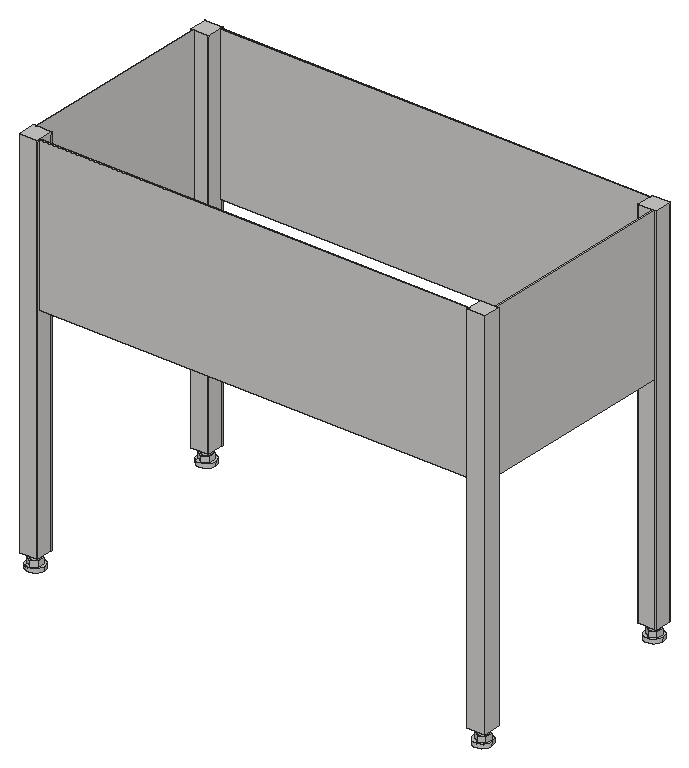
Revit family "PRD_FrankeWS_SnksSuprts_SiriusUnderframeToUtilitySinks_U701V,U702V", category Plumbing Fixtures, Revit 2018
Family settings
  Round Connector Dimension = Use Diameter
  Part Type = Normal
  OmniClass Number = 23.40.20.00
  OmniClass Title = General Furniture and Specialties
  Work Plane-Based = No
  Always vertical = Yes
  Cut with Voids When Loaded = No
  Shared = Yes
  Room Calculation Point = No
Parameters (values of type "U701V")
  WarrantyStartDate [instance] = "1900-12-31T23:59:59"
  WarrantyGuarantorParts = "n/a"
  WarrantyGuarantorLabor = "n/a"
  WarrantyDurationUnit = "year"
  WarrantyDurationParts = "n/a"
  WarrantyDurationLabor = "n/a"
  WarrantyDescription = "n/a"
  Version = "1"
  Uniclass2015Version = "Products v1.5"
  Uniclass2015Title = "Sink supports"
  Uniclass2015Code = "Pr_20_85_09_88"
  UnderframeMaterial = PRD_AR_StainlessSteel_SatinFinished
  URL = "www.kwc.com"
  TagNumber [instance] = "n/a"
  SustainabilityPerformance = "n/a"
  Size = "1040 x 870 x 518 mm"
  Shape = "Rectangular"
  SerialNumber [instance] = "n/a"
  Revision = "n/a"
  ReplacementCost = "n/a"
  Reference = "n/a"
  ProductInformation = "https://pim.kwc.com/product/2000100784/attachment/datasheet?locale=en"
  NominalWidth = 518 mm
  NominalLength = 1040 mm
  NominalHeight = 870 mm
  NetWeight = 14.50 kg
  Name = "SIRIUS underframe to utility sinks U701V"
  NBSTypeID = "n/a"
  NBSReference = "45-35-70/347"
  NBSOfficeMasterTag = "n/a"
  NBSNote = "n/a"
  NBSDescription = "Supports for sinks"
  NBSCertification = "n/a"
  ModelReference = "U701V"
  ModelNumber = "2000100784"
  Model = ModelReference  # "U701V"
  MaterialsLegsFinishAndColour = "Satin finished"
  MaterialsLegsBody = "Stainless steel 1.4301"
  MaterialsBracketsFinishAndColour = "Satin finished"
  MaterialsBracketsBody = "Stainless steel 1.4301"
  MaterialThickness = 1 mm
  Material = "Stainless steel"
  ManufacturerURL = "www.kwc.com"
  ManufacturerName = "KWC Group AG"  # constant formula
  Manufacturer = ManufacturerName  # "KWC Group AG"
  Length = 1040 mm
  InstallationDate [instance] = "1900-12-31T23:59:59"
  IfcExportType = "NOTDEFINED"
  IfcExportAs = "IfcBuildingElementProxy"
  GrossWeight = 34.50 kg
  Grade = "n/a"
  Form = "Floor-standing"
  Finish = "Satin finished"
  Features = "stainless steel, 1.00 mm, satin finished, no mounting, 1040x870x518 mm (WxHxD)"
  ExpectedLife = "n/a"
  DurationUnit = "year"
  Description = "Stainless steel, working height 900mm including commercial sink. Apron 300 mm deep on all sides. Four adjustable feet. Underframe in supply fragmented. dimensions 1040 x 870 x 518 mm (W x H x D), for BS351 and BS352"
  Constituents = "n/a"
  Color = "Stainless steel"
  CodePerformance = "n/a"
  Category = "Pr_20_85_09_88, Sink supports"
  BarCode [instance] = "n/a"
  BIMObjectName = "PRD_AR_SinkSupports_SiriusUnderframeToUtilitySinks_U701V"
  Author = "Archispace"  # constant formula
  AssetType = "Fixed"
  AssetIdentifier [instance] = "n/a"
  AccessibilityPerformance = "n/a"
Types (2, lengths in mm): name | Size | ProductInformation | NominalLength | NetWeight | Name | ModelReference | ModelNumber | Model | Length | GrossWeight | Features | Description | BIMObjectName
  U701V | "1040 x 870 x 518 mm" | "https://pim.kwc.com/product/2000100784/attachment/datasheet?locale=en" | 1040 | 14.50 kg | "SIRIUS underframe to utility sinks U701V" | "U701V" | "2000100784" | "U701V" | 1040 | 34.50 kg | "stainless steel, 1.00 mm, satin finished, no mounting, 1040x870x518 mm (WxHxD)" | "Stainless steel, working height 900mm including commercial sink. Apron 300 mm deep on all sides. Four adjustable feet. Underframe in supply fragmented. dimensions 1040 x 870 x 518 mm (W x H x D), for BS351 and BS352" | "PRD_AR_SinkSupports_SiriusUnderframeToUtilitySinks_U701V"
  U702V | "2140 x 870 x 518 mm" | "https://pim.kwc.com/product/2000100785/attachment/datasheet?locale=en" | 2140 | 22.00 kg | "SIRIUS underframe to utility sinks U702V" | "U702V" | "2000100785" | "U702V" | 2140 | 42.00 kg | "stainless steel, 1.00 mm, satin finished, no mounting, 2140x870x518 mm (WxHxD)" | "Stainless steel, working height 900mm including commercial sink. Apron 300 mm deep on all sides. Four adjustable feet. Underframe in supply fragmented. dimensions 2140 x 870 x 518 mm (W x H x D), for BS353" | "PRD_AR_SinkSupports_SiriusUnderframeToUtilitySinks_U702V"
Reference planes
  plane 1 "Center (Front/Back)": y = 0
  plane 2: z = 0
  plane 3 "Center (Left/Right)": x = 0
  plane 4: x = -520
  plane 5: x = 520
Forms (mm)
  Extrusion 1, solid, material "PRD_AR_StainlessSteel_SatinFinished" <- "UnderframeMaterial", detail levels coarse+medium
    sketch origin (0, 0, 0) x (1, 0, 0) y (0, 1, 0)
      loop
        line (-520, -518) -> (-480, -518) -> (-480, -478) -> (-520, -478) -> (-520, -518)
      loop
        line (-480, 0) -> (-520, 0) -> (-520, -40) -> (-480, -40) -> (-480, 0)
      loop
        line (520, 0) -> (480, 0) -> (480, -40) -> (520, -40) -> (520, 0)
      loop
        line (480, -478) -> (480, -518) -> (520, -518) -> (520, -478) -> (480, -478)
    from 0 to 870
  Extrusion 2, solid, material "PRD_AR_StainlessSteel_SatinFinished" <- "UnderframeMaterial", detail levels fine
    sketch origin (0, 0, 0) x (1, 0, 0) y (0, 1, 0)
      loop
        line (-520, -479.5) -> (-520, -516.5)
        arc (-520, -516.5) -> (-519.561, -517.561) -> (-518.5, -518) r 1.5
        line (-518.5, -518) -> (-481.5, -518)
        arc (-481.5, -518) -> (-480.439, -517.561) -> (-480, -516.5) r 1.5
        line (-480, -516.5) -> (-480, -479.5)
        arc (-480, -479.5) -> (-480.439, -478.439) -> (-481.5, -478) r 1.5
        line (-481.5, -478) -> (-518.5, -478)
        arc (-518.5, -478) -> (-519.561, -478.439) -> (-520, -479.5) r 1.5
      loop
        line (-481.5, 0) -> (-518.5, 0)
        arc (-518.5, 0) -> (-519.561, -0.439) -> (-520, -1.5) r 1.5
        line (-520, -1.5) -> (-520, -38.5)
        arc (-520, -38.5) -> (-519.561, -39.561) -> (-518.5, -40) r 1.5
        line (-518.5, -40) -> (-481.5, -40)
        arc (-481.5, -40) -> (-480.439, -39.561) -> (-480, -38.5) r 1.5
        line (-480, -38.5) -> (-480, -1.5)
        arc (-480, -1.5) -> (-480.439, -0.439) -> (-481.5, 0) r 1.5
      loop
        line (520, -518) -> (520, -478) -> (480, -478) -> (480, -518) -> (520, -518)
      loop
        line (518.5, 0) -> (481.5, 0)
        arc (481.5, 0) -> (480.439, -0.439) -> (480, -1.5) r 1.5
        line (480, -1.5) -> (480, -38.5)
        arc (480, -38.5) -> (480.439, -39.561) -> (481.5, -40) r 1.5
        line (481.5, -40) -> (518.5, -40)
        arc (518.5, -40) -> (519.561, -39.561) -> (520, -38.5) r 1.5
        line (520, -38.5) -> (520, -1.5)
        arc (520, -1.5) -> (519.561, -0.439) -> (518.5, 0) r 1.5
    from 32 to 870
  Extrusion 3, solid, material "PRD_AR_StainlessSteel_SatinFinished" <- "UnderframeMaterial", detail levels fine
    sketch origin (0, 0, 0) x (1, 0, 0) y (0, 1, 0)
      loop
        circle (-500, -498) r 20
      loop
        circle (-500, -20) r 20
      loop
        circle (500, -498) r 20
      loop
        circle (500, -20) r 20
    from 0 to 8
  Extrusion 4, solid, material "PRD_AR_StainlessSteel_SatinFinished" <- "UnderframeMaterial", detail levels fine
    sketch origin (0, 0, 0) x (1, 0, 0) y (0, 1, 0)
      loop
        circle (-500, -498) r 10
      loop
        circle (-500, -20) r 10
      loop
        circle (500, -498) r 10
      loop
        circle (500, -20) r 10
    from 20 to 32
  Extrusion 5, solid, material "PRD_AR_StainlessSteel_SatinFinished" <- "UnderframeMaterial", detail levels fine
    sketch origin (0, 0, 0) x (1, 0, 0) y (0, 1, 0)
      loop
        line (-487, -490.494) -> (-500, -482.989) -> (-513, -490.494) -> (-513, -505.506) -> (-500, -513.011) -> (-487, -505.506) -> (-487, -490.494)
      loop
        line (-487, -27.506) -> (-487, -12.494) -> (-500, -4.989) -> (-513, -12.494) -> (-513, -27.506) -> (-500, -35.011) -> (-487, -27.506)
      loop
        line (487, -490.494) -> (487, -505.506) -> (500, -513.011) -> (513, -505.506) -> (513, -490.494) -> (500, -482.989) -> (487, -490.494)
      loop
        line (487, -27.506) -> (500, -35.011) -> (513, -27.506) -> (513, -12.494) -> (500, -4.989) -> (487, -12.494) -> (487, -27.506)
    from 8 to 20
  Extrusion 6, solid, material "PRD_AR_StainlessSteel_SatinFinished" <- "UnderframeMaterial"
    sketch origin (0, 0, 0) x (1, 0, 0) y (0, 1, 0)
      loop
        line (-480, -513) -> (480, -513) -> (480, -510.5) -> (-480, -510.5) -> (-480, -513)
      loop
        line (515, -478) -> (515, -40) -> (512.5, -40) -> (512.5, -478) -> (515, -478)
      loop
        line (-512.5, -478) -> (-512.5, -40) -> (-515, -40) -> (-515, -478) -> (-512.5, -478)
      loop
        line (-480, -7.5) -> (480, -7.5) -> (480, -4.915) -> (-480, -4.915) -> (-480, -7.5)
    from 530 to 870
Dimensions and locks
  equal spacing: plane 4, plane 3 "Center (Left/Right)", plane 5
  "Length": plane 4 to plane 5
  aligned and locked: level to plane 2
Automatic sketch dimensions
  Extrusion 1 sketch curve to plane 4 = 0 mm  (x2)
  plane 1 "Center (Front/Back)" to Extrusion 1 sketch curve = 0 mm  (x2)
  Extrusion 1 sketch curve to plane 5 = 0 mm  (x2)
  plane 4 to Extrusion 1 sketch curve = 40 mm  (x2)
  plane 5 to Extrusion 1 sketch curve = 40 mm
  Extrusion 1 sketch curve to Extrusion 1 sketch curve = 40 mm  (x3)
  plane 1 "Center (Front/Back)" to Extrusion 1 sketch curve = 40 mm  (x2)
  Extrusion 1 sketch curve to Extrusion 1 sketch curve = 438 mm  (x2)
  Extrusion 2 sketch curve to plane 4 = 0 mm  (x2)
  plane 1 "Center (Front/Back)" to Extrusion 2 sketch curve = 0 mm  (x2)
  Extrusion 2 sketch curve to plane 5 = 0 mm  (x2)
  plane 4 to Extrusion 2 sketch curve = 1.5 mm  (x3)
  Extrusion 2 sketch curve to Extrusion 2 sketch curve = 1.5 mm  (x3)
  Extrusion 2 sketch curve to Extrusion 2 sketch curve = 37 mm  (x6)
  plane 1 "Center (Front/Back)" to Extrusion 2 sketch curve = 1.5 mm  (x2)
  Extrusion 2 sketch curve to Extrusion 2 sketch curve = 0 mm
  plane 5 to Extrusion 2 sketch curve = 40 mm
  Extrusion 2 sketch curve to Extrusion 2 sketch curve = 40 mm  (x2)
  plane 5 to Extrusion 2 sketch curve = 1.5 mm  (x2)
  Extrusion 2 sketch curve to Extrusion 2 sketch curve = 438 mm  (x2)
  plane 4 to Extrusion 3 sketch curve = 20 mm  (x2)
  plane 5 to Extrusion 3 sketch curve = 20 mm  (x2)
  plane 1 "Center (Front/Back)" to Extrusion 3 sketch curve = 498 mm  (x2)
  plane 1 "Center (Front/Back)" to Extrusion 3 sketch curve = 20 mm  (x2)
  plane 4 to Extrusion 4 sketch curve = 20 mm  (x2)
  plane 5 to Extrusion 4 sketch curve = 20 mm  (x2)
  plane 1 "Center (Front/Back)" to Extrusion 4 sketch curve = 498 mm  (x2)
  plane 1 "Center (Front/Back)" to Extrusion 4 sketch curve = 20 mm  (x2)
  plane 4 to Extrusion 5 sketch curve = 7 mm  (x2)
  Extrusion 5 sketch curve to Extrusion 5 sketch curve = 13 mm  (x10)
  plane 1 "Center (Front/Back)" to Extrusion 5 sketch curve = 4.989 mm  (x2)
  plane 5 to Extrusion 5 sketch curve = 33 mm  (x2)
  plane 1 "Center (Front/Back)" to Extrusion 5 sketch curve = 12.494 mm  (x4)
  plane 5 to Extrusion 5 sketch curve = 7 mm  (x2)
  Extrusion 5 sketch curve to Extrusion 5 sketch curve = 15.011 mm  (x6)
  Extrusion 5 sketch curve to Extrusion 5 sketch curve = 22.517 mm  (x2)
  Extrusion 5 sketch curve to Extrusion 5 sketch curve = 7.506 mm  (x8)
  Extrusion 5 sketch curve to Extrusion 5 sketch curve = 447.978 mm  (x2)
  plane 4 to Extrusion 6 sketch curve = 5 mm
  Extrusion 6 sketch curve to Extrusion 6 sketch curve = 2.5 mm  (x3)
  plane 1 "Center (Front/Back)" to Extrusion 6 sketch curve = 4.915 mm
  plane 4 to Extrusion 6 sketch curve = 40 mm  (x2)
  plane 1 "Center (Front/Back)" to Extrusion 6 sketch curve = 7.5 mm
  plane 5 to Extrusion 6 sketch curve = 40 mm  (x2)
  plane 5 to Extrusion 6 sketch curve = 7.5 mm
  plane 1 "Center (Front/Back)" to Extrusion 6 sketch curve = 40 mm  (x2)
  Extrusion 6 sketch curve to Extrusion 6 sketch curve = 438 mm  (x2)
  Extrusion 6 sketch curve to Extrusion 6 sketch curve = 32.5 mm
  radius of Extrusion 3 sketch curve = 20 mm  (x4)
  radius of Extrusion 4 sketch curve = 10 mm  (x4)
